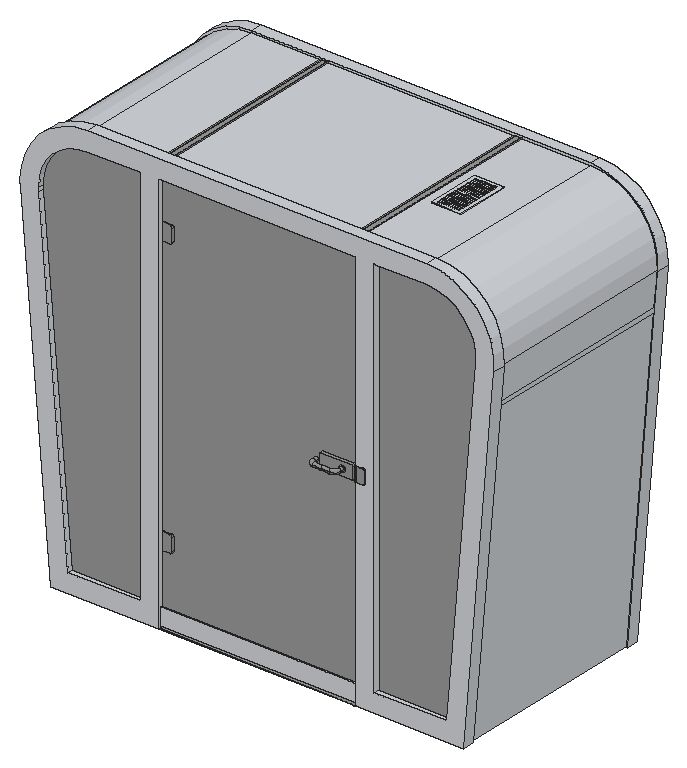
Revit family "Retreat 2.1 - Glass Back", category Generic Models, host Floor, Revit 2020
Family settings
  Host = Floor
  Can host rebar = No
  Round Connector Dimension = Use Diameter
  Part Type = Normal
  Always vertical = Yes
  Cut with Voids When Loaded = No
  Shared = No
  Room Calculation Point = No
Parameters
  Default Elevation = 0 mm
Reference planes
  plane 1 "Center (Front/Back)": y = 0
  plane 2: z = 0
  plane 3 "Center (Left/Right)": x = 0
Forms (mm)
  Extrusion 1, solid
    sketch origin (0, 0, 0) x (1, 0, 0) y (0, 0, 1)
      loop
        line (-994.283, 0) -> (-1135.633, 1615.634) -> (-1187.435, 1611.102) -> (-1046.482, 0) -> (-994.283, 0)
      loop
        line (-1136.069, 1620.615) -> (-1152.093, 1803.768)
        arc (-1152.093, 1803.768) -> (-1152.883, 1815.827) -> (-1153.147, 1827.91) r 277
        arc (-1153.147, 1827.91) -> (-1072.015, 2023.779) -> (-876.147, 2104.91) r 277
        line (-876.147, 2104.91) -> (-511.874, 2104.91) -> (-511.874, 2156.91) -> (-876.147, 2156.91)
        arc (-876.147, 2156.91) -> (-1108.785, 2060.548) -> (-1205.147, 1827.91) r 329
        arc (-1205.147, 1827.91) -> (-1204.834, 1813.559) -> (-1203.895, 1799.236) r 329
        line (-1203.895, 1799.236) -> (-1187.871, 1616.083) -> (-1136.069, 1620.615)
      loop
        line (-486.874, 2104.91) -> (488.126, 2104.91) -> (488.126, 2156.91) -> (-486.874, 2156.91) -> (-486.874, 2104.91)
      loop
        line (513.126, 2104.91) -> (877.399, 2104.91)
        arc (877.399, 2104.91) -> (1081.624, 2015.048) -> (1153.345, 1803.768) r 277
        line (1153.345, 1803.768) -> (1137.321, 1620.615) -> (1189.123, 1616.083) -> (1205.147, 1799.236)
        arc (1205.147, 1799.236) -> (1119.963, 2050.179) -> (877.399, 2156.91) r 329
        line (877.399, 2156.91) -> (513.126, 2156.91) -> (513.126, 2104.91)
      loop
        line (1136.885, 1615.634) -> (995.535, 0) -> (1047.734, 0) -> (1188.687, 1611.102) -> (1136.885, 1615.634)
    from -500 to 500
  Extrusion 2, solid
    sketch origin (0, 0, 0) x (1, 0, 0) y (0, 0, 1)
      loop
        line (-985.249, 0) -> (-1126.667, 1616.419) -> (-1135.633, 1615.634) -> (-994.283, 0) -> (-985.249, 0)
      loop
        line (-1127.103, 1621.4) -> (-1143.127, 1804.552)
        arc (-1143.127, 1804.552) -> (-1143.892, 1816.22) -> (-1144.147, 1827.91) r 268
        arc (-1144.147, 1827.91) -> (-1065.651, 2017.415) -> (-876.147, 2095.91) r 268
        line (-876.147, 2095.91) -> (-511.874, 2095.91) -> (-511.874, 2104.91) -> (-876.147, 2104.91)
        arc (-876.147, 2104.91) -> (-1072.015, 2023.779) -> (-1153.147, 1827.91) r 277
        arc (-1153.147, 1827.91) -> (-1152.883, 1815.827) -> (-1152.093, 1803.768) r 277
        line (-1152.093, 1803.768) -> (-1136.069, 1620.615) -> (-1127.103, 1621.4)
      loop
        line (-486.874, 2095.91) -> (488.126, 2095.91) -> (488.126, 2104.91) -> (-486.874, 2104.91) -> (-486.874, 2095.91)
      loop
        line (513.126, 2095.91) -> (877.399, 2095.91)
        arc (877.399, 2095.91) -> (1074.989, 2008.968) -> (1144.379, 1804.552) r 268
        line (1144.379, 1804.552) -> (1128.355, 1621.4) -> (1137.321, 1620.615) -> (1153.345, 1803.768)
        arc (1153.345, 1803.768) -> (1081.624, 2015.048) -> (877.399, 2104.91) r 277
        line (877.399, 2104.91) -> (513.126, 2104.91) -> (513.126, 2095.91)
      loop
        line (1127.919, 1616.419) -> (986.501, 0) -> (995.535, 0) -> (1136.885, 1615.634) -> (1127.919, 1616.419)
    from -500 to 500
  Extrusion 3, solid
    sketch origin (0, 0, 0) x (1, 0, 0) y (0, 0, 1)
      loop
        line (-1046.482, 0) -> (-1187.435, 1611.102) -> (-1196.401, 1610.318) -> (-1055.516, 0) -> (-1046.482, 0)
      loop
        line (-1187.871, 1616.083) -> (-1203.895, 1799.236)
        arc (-1203.895, 1799.236) -> (-1204.834, 1813.559) -> (-1205.147, 1827.91) r 329
        arc (-1205.147, 1827.91) -> (-1108.785, 2060.548) -> (-876.147, 2156.91) r 329
        line (-876.147, 2156.91) -> (-511.874, 2156.91) -> (-511.874, 2165.91) -> (-876.147, 2165.91)
        arc (-876.147, 2165.91) -> (-1115.149, 2066.912) -> (-1214.147, 1827.91) r 338
        arc (-1214.147, 1827.91) -> (-1213.825, 1813.167) -> (-1212.86, 1798.451) r 338
        line (-1212.86, 1798.451) -> (-1196.837, 1615.299) -> (-1187.871, 1616.083)
      loop
        line (-486.874, 2156.91) -> (488.126, 2156.91) -> (488.126, 2165.91) -> (-486.874, 2165.91) -> (-486.874, 2156.91)
      loop
        line (513.126, 2156.91) -> (877.399, 2156.91)
        arc (877.399, 2156.91) -> (1119.963, 2050.179) -> (1205.147, 1799.236) r 329
        line (1205.147, 1799.236) -> (1189.123, 1616.083) -> (1198.089, 1615.299) -> (1214.112, 1798.451)
        arc (1214.112, 1798.451) -> (1126.598, 2056.259) -> (877.399, 2165.91) r 338
        line (877.399, 2165.91) -> (513.126, 2165.91) -> (513.126, 2156.91)
      loop
        line (1188.687, 1611.102) -> (1047.734, 0) -> (1056.768, 0) -> (1197.653, 1610.318) -> (1188.687, 1611.102)
    from -500 to 500
  Extrusion 4, solid
    sketch origin (0, 0, 0) x (1, 0, 0) y (0, 0, 1)
      loop
        line (-1055.516, 0) -> (-1196.401, 1610.318) -> (-1198.393, 1610.144) -> (-1057.524, 0) -> (-1055.516, 0)
      loop
        line (-1196.837, 1615.299) -> (-1212.86, 1798.451)
        arc (-1212.86, 1798.451) -> (-1213.825, 1813.167) -> (-1214.147, 1827.91) r 338
        arc (-1214.147, 1827.91) -> (-1115.149, 2066.912) -> (-876.147, 2165.91) r 338
        line (-876.147, 2165.91) -> (-511.874, 2165.91) -> (-511.874, 2167.91) -> (-876.147, 2167.91)
        arc (-876.147, 2167.91) -> (-1116.563, 2068.326) -> (-1216.147, 1827.91) r 340
        arc (-1216.147, 1827.91) -> (-1215.823, 1813.079) -> (-1214.853, 1798.277) r 340
        line (-1214.853, 1798.277) -> (-1198.829, 1615.125) -> (-1196.837, 1615.299)
      loop
        line (-486.874, 2165.91) -> (488.126, 2165.91) -> (488.126, 2167.91) -> (-486.874, 2167.91) -> (-486.874, 2165.91)
      loop
        line (513.126, 2167.91) -> (513.126, 2165.91) -> (877.399, 2165.91)
        arc (877.399, 2165.91) -> (1126.598, 2056.259) -> (1214.112, 1798.451) r 338
        line (1214.112, 1798.451) -> (1198.089, 1615.299) -> (1200.081, 1615.125) -> (1216.105, 1798.277)
        arc (1216.105, 1798.277) -> (1128.073, 2057.611) -> (877.399, 2167.91) r 340
        line (877.399, 2167.91) -> (513.126, 2167.91)
      loop
        line (1197.653, 1610.318) -> (1056.768, 0) -> (1058.776, 0) -> (1199.645, 1610.144) -> (1197.653, 1610.318)
    from -500 to 500
  Extrusion 5, solid
    sketch origin (0, 0, 0) x (1, 0, 0) y (0, 0, 1)
      loop
        line (-510, 0) -> (-510, 2083) -> (510, 2083) -> (510, 0) -> (1068, 0) -> (1225.26, 1797.495)
        arc (1225.26, 1797.495) -> (1134.639, 2064.457) -> (876.592, 2178) r 350
        line (876.592, 2178) -> (-876.592, 2178)
        arc (-876.592, 2178) -> (-1124.08, 2075.487) -> (-1226.592, 1828) r 350
        arc (-1226.592, 1828) -> (-1226.259, 1812.733) -> (-1225.26, 1797.495) r 350
        line (-1225.26, 1797.495) -> (-1068, 0) -> (-510, 0)
      loop
        line (-605, 95) -> (-605, 2083) -> (-876.592, 2083)
        arc (-876.592, 2083) -> (-1056.905, 2008.312) -> (-1131.592, 1828) r 255
        arc (-1131.592, 1828) -> (-1131.35, 1816.877) -> (-1130.622, 1805.775) r 255
        line (-1130.622, 1805.775) -> (-980.949, 95) -> (-605, 95)
      loop
        line (605, 95) -> (980.949, 95) -> (1130.622, 1805.775)
        arc (1130.622, 1805.775) -> (1064.598, 2000.276) -> (876.592, 2083) r 255
        line (876.592, 2083) -> (605, 2083) -> (605, 95)
    from 500 to 560
  Extrusion 6, solid
    sketch origin (0, 0, 0) x (1, 0, 0) y (0, 0, 1)
      loop
        line (-488, 0) -> (-488, 2061) -> (488, 2061) -> (488, 0) -> (510, 0) -> (510, 2083) -> (-510, 2083) -> (-510, 0) -> (-488, 0)
    from 500 to 522
  Extrusion 7, solid
    sketch origin (0, 0, 0) x (1, 0, 0) y (0, 0, 1)
      loop
        line (-1068, 0) -> (1068, 0) -> (1225.26, 1797.495)
        arc (1225.26, 1797.495) -> (1134.639, 2064.457) -> (876.592, 2178) r 350
        line (876.592, 2178) -> (-876.592, 2178)
        arc (-876.592, 2178) -> (-1124.08, 2075.487) -> (-1226.592, 1828) r 350
        arc (-1226.592, 1828) -> (-1226.259, 1812.733) -> (-1225.26, 1797.495) r 350
        line (-1225.26, 1797.495) -> (-1068, 0)
      loop
        line (-980.949, 95) -> (-572.5, 95) -> (-572.5, 2083) -> (-876.592, 2083)
        arc (-876.592, 2083) -> (-1056.905, 2008.312) -> (-1131.592, 1828) r 255
        arc (-1131.592, 1828) -> (-1131.35, 1816.877) -> (-1130.622, 1805.775) r 255
        line (-1130.622, 1805.775) -> (-980.949, 95)
      loop
        line (-427.5, 95) -> (427.5, 95) -> (427.5, 2083) -> (-427.5, 2083) -> (-427.5, 95)
      loop
        line (572.5, 95) -> (980.949, 95) -> (1130.622, 1805.775)
        arc (1130.622, 1805.775) -> (1064.598, 2000.276) -> (876.592, 2083) r 255
        line (876.592, 2083) -> (572.5, 2083) -> (572.5, 95)
    from -560 to -500
  Extrusion 8, solid
    sketch origin (0, 0, 0) x (1, 0, 0) y (0, 0, 1)
      loop
        line (505, 98.5) -> (-505, 98.5) -> (-505, 10.5) -> (505, 10.5) -> (505, 98.5)
    from 541.5 to 550.5
  Extrusion 9, solid
    sketch origin (0, 0, 0) x (1, 0, 0) y (0, 0, 1)
      loop
        line (484, 98.5) -> (-484, 98.5) -> (-484, 10.5) -> (484, 10.5) -> (484, 98.5)
    from 503.5 to 533.5
  Extrusion 10, solid
    sketch origin (778.97, -0.1, 0) x (1, 0, 0) y (0, 1, 0)
      loop
        line (-66.5, 143) -> (-212.5, 143)
        arc (-212.5, 143) -> (-216.036, 141.536) -> (-217.5, 138) r 5
        line (-217.5, 138) -> (-217.5, -134.9)
        arc (-217.5, -134.9) -> (-216.036, -138.436) -> (-212.5, -139.9) r 5
        line (-212.5, -139.9) -> (-66.5, -139.9)
        arc (-66.5, -139.9) -> (-62.964, -138.436) -> (-61.5, -134.9) r 5
        line (-61.5, -134.9) -> (-61.5, 138)
        arc (-61.5, 138) -> (-62.964, 141.536) -> (-66.5, 143) r 5
      loop
        line (-196.5, -90) -> (-196.5, -120)
        arc (-196.5, -120) -> (-195.914, -121.414) -> (-194.5, -122) r 2
        arc (-194.5, -122) -> (-193.086, -121.414) -> (-192.5, -120) r 2
        line (-192.5, -120) -> (-192.5, -90)
        arc (-192.5, -90) -> (-194.5, -88) -> (-196.5, -90) r 2
      loop
        line (-185.5, -90) -> (-185.5, -120)
        arc (-185.5, -120) -> (-184.914, -121.414) -> (-183.5, -122) r 2
        arc (-183.5, -122) -> (-182.086, -121.414) -> (-181.5, -120) r 2
        line (-181.5, -120) -> (-181.5, -90)
        arc (-181.5, -90) -> (-183.5, -88) -> (-185.5, -90) r 2
      loop
        line (-174.5, -90) -> (-174.5, -120)
        arc (-174.5, -120) -> (-173.914, -121.414) -> (-172.5, -122) r 2
        arc (-172.5, -122) -> (-171.086, -121.414) -> (-170.5, -120) r 2
        line (-170.5, -120) -> (-170.5, -90)
        arc (-170.5, -90) -> (-172.5, -88) -> (-174.5, -90) r 2
      loop
        line (-163.5, -90) -> (-163.5, -120)
        arc (-163.5, -120) -> (-162.914, -121.414) -> (-161.5, -122) r 2
        arc (-161.5, -122) -> (-160.086, -121.414) -> (-159.5, -120) r 2
        line (-159.5, -120) -> (-159.5, -90)
        arc (-159.5, -90) -> (-161.5, -88) -> (-163.5, -90) r 2
      loop
        line (-152.5, -90) -> (-152.5, -120)
        arc (-152.5, -120) -> (-151.914, -121.414) -> (-150.5, -122) r 2
        arc (-150.5, -122) -> (-149.086, -121.414) -> (-148.5, -120) r 2
        line (-148.5, -120) -> (-148.5, -90)
        arc (-148.5, -90) -> (-150.5, -88) -> (-152.5, -90) r 2
      loop
        line (-141.5, -90) -> (-141.5, -120)
        arc (-141.5, -120) -> (-140.914, -121.414) -> (-139.5, -122) r 2
        arc (-139.5, -122) -> (-138.086, -121.414) -> (-137.5, -120) r 2
        line (-137.5, -120) -> (-137.5, -90)
        arc (-137.5, -90) -> (-139.5, -88) -> (-141.5, -90) r 2
      loop
        line (-130.5, -90) -> (-130.5, -120)
        arc (-130.5, -120) -> (-129.914, -121.414) -> (-128.5, -122) r 2
        arc (-128.5, -122) -> (-127.086, -121.414) -> (-126.5, -120) r 2
        line (-126.5, -120) -> (-126.5, -90)
        arc (-126.5, -90) -> (-128.5, -88) -> (-130.5, -90) r 2
      loop
        line (-119.5, -90) -> (-119.5, -120)
        arc (-119.5, -120) -> (-118.914, -121.414) -> (-117.5, -122) r 2
        arc (-117.5, -122) -> (-116.086, -121.414) -> (-115.5, -120) r 2
        line (-115.5, -120) -> (-115.5, -90)
        arc (-115.5, -90) -> (-117.5, -88) -> (-119.5, -90) r 2
      loop
        line (-108.5, -90) -> (-108.5, -120)
        arc (-108.5, -120) -> (-107.914, -121.414) -> (-106.5, -122) r 2
        arc (-106.5, -122) -> (-105.086, -121.414) -> (-104.5, -120) r 2
        line (-104.5, -120) -> (-104.5, -90)
        arc (-104.5, -90) -> (-106.5, -88) -> (-108.5, -90) r 2
      loop
        line (-97.5, -90) -> (-97.5, -120)
        arc (-97.5, -120) -> (-96.914, -121.414) -> (-95.5, -122) r 2
        arc (-95.5, -122) -> (-94.086, -121.414) -> (-93.5, -120) r 2
        line (-93.5, -120) -> (-93.5, -90)
        arc (-93.5, -90) -> (-95.5, -88) -> (-97.5, -90) r 2
      loop
        line (-86.5, -90) -> (-86.5, -120)
        arc (-86.5, -120) -> (-85.914, -121.414) -> (-84.5, -122) r 2
        arc (-84.5, -122) -> (-83.086, -121.414) -> (-82.5, -120) r 2
        line (-82.5, -120) -> (-82.5, -90)
        arc (-82.5, -90) -> (-84.5, -88) -> (-86.5, -90) r 2
      loop
        line (-82.5, -80) -> (-82.5, -50)
        arc (-82.5, -50) -> (-84.5, -48) -> (-86.5, -50) r 2
        line (-86.5, -50) -> (-86.5, -80)
        arc (-86.5, -80) -> (-85.914, -81.414) -> (-84.5, -82) r 2
        arc (-84.5, -82) -> (-83.086, -81.414) -> (-82.5, -80) r 2
      loop
        line (-93.5, -80) -> (-93.5, -50)
        arc (-93.5, -50) -> (-95.5, -48) -> (-97.5, -50) r 2
        line (-97.5, -50) -> (-97.5, -80)
        arc (-97.5, -80) -> (-96.914, -81.414) -> (-95.5, -82) r 2
        arc (-95.5, -82) -> (-94.086, -81.414) -> (-93.5, -80) r 2
      loop
        line (-104.5, -80) -> (-104.5, -50)
        arc (-104.5, -50) -> (-106.5, -48) -> (-108.5, -50) r 2
        line (-108.5, -50) -> (-108.5, -80)
        arc (-108.5, -80) -> (-107.914, -81.414) -> (-106.5, -82) r 2
        arc (-106.5, -82) -> (-105.086, -81.414) -> (-104.5, -80) r 2
      loop
        line (-115.5, -80) -> (-115.5, -50)
        arc (-115.5, -50) -> (-117.5, -48) -> (-119.5, -50) r 2
        line (-119.5, -50) -> (-119.5, -80)
        arc (-119.5, -80) -> (-118.914, -81.414) -> (-117.5, -82) r 2
        arc (-117.5, -82) -> (-116.086, -81.414) -> (-115.5, -80) r 2
      loop
        line (-126.5, -80) -> (-126.5, -50)
        arc (-126.5, -50) -> (-128.5, -48) -> (-130.5, -50) r 2
        line (-130.5, -50) -> (-130.5, -80)
        arc (-130.5, -80) -> (-129.914, -81.414) -> (-128.5, -82) r 2
        arc (-128.5, -82) -> (-127.086, -81.414) -> (-126.5, -80) r 2
      loop
        line (-137.5, -80) -> (-137.5, -50)
        arc (-137.5, -50) -> (-139.5, -48) -> (-141.5, -50) r 2
        line (-141.5, -50) -> (-141.5, -80)
        arc (-141.5, -80) -> (-140.914, -81.414) -> (-139.5, -82) r 2
        arc (-139.5, -82) -> (-138.086, -81.414) -> (-137.5, -80) r 2
      loop
        line (-148.5, -80) -> (-148.5, -50)
        arc (-148.5, -50) -> (-150.5, -48) -> (-152.5, -50) r 2
        line (-152.5, -50) -> (-152.5, -80)
        arc (-152.5, -80) -> (-151.914, -81.414) -> (-150.5, -82) r 2
        arc (-150.5, -82) -> (-149.086, -81.414) -> (-148.5, -80) r 2
      loop
        line (-159.5, -80) -> (-159.5, -50)
        arc (-159.5, -50) -> (-161.5, -48) -> (-163.5, -50) r 2
        line (-163.5, -50) -> (-163.5, -80)
        arc (-163.5, -80) -> (-162.914, -81.414) -> (-161.5, -82) r 2
        arc (-161.5, -82) -> (-160.086, -81.414) -> (-159.5, -80) r 2
      loop
        line (-170.5, -80) -> (-170.5, -50)
        arc (-170.5, -50) -> (-172.5, -48) -> (-174.5, -50) r 2
        line (-174.5, -50) -> (-174.5, -80)
        arc (-174.5, -80) -> (-173.914, -81.414) -> (-172.5, -82) r 2
        arc (-172.5, -82) -> (-171.086, -81.414) -> (-170.5, -80) r 2
      loop
        line (-181.5, -80) -> (-181.5, -50)
        arc (-181.5, -50) -> (-183.5, -48) -> (-185.5, -50) r 2
        line (-185.5, -50) -> (-185.5, -80)
        arc (-185.5, -80) -> (-184.914, -81.414) -> (-183.5, -82) r 2
        arc (-183.5, -82) -> (-182.086, -81.414) -> (-181.5, -80) r 2
      loop
        line (-192.5, -80) -> (-192.5, -50)
        arc (-192.5, -50) -> (-194.5, -48) -> (-196.5, -50) r 2
        line (-196.5, -50) -> (-196.5, -80)
        arc (-196.5, -80) -> (-195.914, -81.414) -> (-194.5, -82) r 2
        arc (-194.5, -82) -> (-193.086, -81.414) -> (-192.5, -80) r 2
      loop
        line (-196.5, -10) -> (-196.5, -40)
        arc (-196.5, -40) -> (-195.914, -41.414) -> (-194.5, -42) r 2
        arc (-194.5, -42) -> (-193.086, -41.414) -> (-192.5, -40) r 2
        line (-192.5, -40) -> (-192.5, -10)
        arc (-192.5, -10) -> (-194.5, -8) -> (-196.5, -10) r 2
      loop
        line (-185.5, -10) -> (-185.5, -40)
        arc (-185.5, -40) -> (-184.914, -41.414) -> (-183.5, -42) r 2
        arc (-183.5, -42) -> (-182.086, -41.414) -> (-181.5, -40) r 2
        line (-181.5, -40) -> (-181.5, -10)
        arc (-181.5, -10) -> (-183.5, -8) -> (-185.5, -10) r 2
      loop
        line (-174.5, -10) -> (-174.5, -40)
        arc (-174.5, -40) -> (-172.5, -42) -> (-170.5, -40) r 2
        line (-170.5, -40) -> (-170.5, -10)
        arc (-170.5, -10) -> (-172.5, -8) -> (-174.5, -10) r 2
      loop
        line (-163.5, -10) -> (-163.5, -40)
        arc (-163.5, -40) -> (-162.914, -41.414) -> (-161.5, -42) r 2
        arc (-161.5, -42) -> (-160.086, -41.414) -> (-159.5, -40) r 2
        line (-159.5, -40) -> (-159.5, -10)
        arc (-159.5, -10) -> (-161.5, -8) -> (-163.5, -10) r 2
      loop
        line (-152.5, -10) -> (-152.5, -40)
        arc (-152.5, -40) -> (-151.914, -41.414) -> (-150.5, -42) r 2
        arc (-150.5, -42) -> (-149.086, -41.414) -> (-148.5, -40) r 2
        line (-148.5, -40) -> (-148.5, -10)
        arc (-148.5, -10) -> (-150.5, -8) -> (-152.5, -10) r 2
      loop
        line (-141.5, -10) -> (-141.5, -40)
        arc (-141.5, -40) -> (-140.914, -41.414) -> (-139.5, -42) r 2
        arc (-139.5, -42) -> (-138.086, -41.414) -> (-137.5, -40) r 2
        line (-137.5, -40) -> (-137.5, -10)
        arc (-137.5, -10) -> (-139.5, -8) -> (-141.5, -10) r 2
      loop
        line (-130.5, -10) -> (-130.5, -40)
        arc (-130.5, -40) -> (-129.914, -41.414) -> (-128.5, -42) r 2
        arc (-128.5, -42) -> (-127.086, -41.414) -> (-126.5, -40) r 2
        line (-126.5, -40) -> (-126.5, -10)
        arc (-126.5, -10) -> (-128.5, -8) -> (-130.5, -10) r 2
      loop
        line (-119.5, -10) -> (-119.5, -40)
        arc (-119.5, -40) -> (-118.914, -41.414) -> (-117.5, -42) r 2
        arc (-117.5, -42) -> (-116.086, -41.414) -> (-115.5, -40) r 2
        line (-115.5, -40) -> (-115.5, -10)
        arc (-115.5, -10) -> (-117.5, -8) -> (-119.5, -10) r 2
      loop
        line (-108.5, -10) -> (-108.5, -40)
        arc (-108.5, -40) -> (-107.914, -41.414) -> (-106.5, -42) r 2
        arc (-106.5, -42) -> (-105.086, -41.414) -> (-104.5, -40) r 2
        line (-104.5, -40) -> (-104.5, -10)
        arc (-104.5, -10) -> (-106.5, -8) -> (-108.5, -10) r 2
      loop
        line (-97.5, -10) -> (-97.5, -40)
        arc (-97.5, -40) -> (-96.914, -41.414) -> (-95.5, -42) r 2
        arc (-95.5, -42) -> (-94.086, -41.414) -> (-93.5, -40) r 2
        line (-93.5, -40) -> (-93.5, -10)
        arc (-93.5, -10) -> (-95.5, -8) -> (-97.5, -10) r 2
      loop
        line (-86.5, -10) -> (-86.5, -40)
        arc (-86.5, -40) -> (-85.914, -41.414) -> (-84.5, -42) r 2
        arc (-84.5, -42) -> (-83.086, -41.414) -> (-82.5, -40) r 2
        line (-82.5, -40) -> (-82.5, -10)
        arc (-82.5, -10) -> (-84.5, -8) -> (-86.5, -10) r 2
      loop
        line (-82.5, 10) -> (-82.5, 40)
        arc (-82.5, 40) -> (-84.5, 42) -> (-86.5, 40) r 2
        line (-86.5, 40) -> (-86.5, 10)
        arc (-86.5, 10) -> (-85.914, 8.586) -> (-84.5, 8) r 2
        arc (-84.5, 8) -> (-83.086, 8.586) -> (-82.5, 10) r 2
      loop
        line (-93.5, 10) -> (-93.5, 40)
        arc (-93.5, 40) -> (-95.5, 42) -> (-97.5, 40) r 2
        line (-97.5, 40) -> (-97.5, 10)
        arc (-97.5, 10) -> (-96.914, 8.586) -> (-95.5, 8) r 2
        arc (-95.5, 8) -> (-94.086, 8.586) -> (-93.5, 10) r 2
      loop
        line (-104.5, 10) -> (-104.5, 40)
        arc (-104.5, 40) -> (-106.5, 42) -> (-108.5, 40) r 2
        line (-108.5, 40) -> (-108.5, 10)
        arc (-108.5, 10) -> (-107.914, 8.586) -> (-106.5, 8) r 2
        arc (-106.5, 8) -> (-105.086, 8.586) -> (-104.5, 10) r 2
      loop
        line (-115.5, 10) -> (-115.5, 40)
        arc (-115.5, 40) -> (-117.5, 42) -> (-119.5, 40) r 2
        line (-119.5, 40) -> (-119.5, 10)
        arc (-119.5, 10) -> (-118.914, 8.586) -> (-117.5, 8) r 2
        arc (-117.5, 8) -> (-116.086, 8.586) -> (-115.5, 10) r 2
      loop
        line (-130.5, 40) -> (-130.5, 10)
        arc (-130.5, 10) -> (-129.914, 8.586) -> (-128.5, 8) r 2
        arc (-128.5, 8) -> (-127.086, 8.586) -> (-126.5, 10) r 2
        line (-126.5, 10) -> (-126.5, 40)
        arc (-126.5, 40) -> (-128.5, 42) -> (-130.5, 40) r 2
      loop
        line (-137.5, 10) -> (-137.5, 40)
        arc (-137.5, 40) -> (-139.5, 42) -> (-141.5, 40) r 2
        line (-141.5, 40) -> (-141.5, 10)
        arc (-141.5, 10) -> (-140.914, 8.586) -> (-139.5, 8) r 2
        arc (-139.5, 8) -> (-138.086, 8.586) -> (-137.5, 10) r 2
      loop
        line (-148.5, 10) -> (-148.5, 40)
        arc (-148.5, 40) -> (-150.5, 42) -> (-152.5, 40) r 2
        line (-152.5, 40) -> (-152.5, 10)
        arc (-152.5, 10) -> (-151.914, 8.586) -> (-150.5, 8) r 2
        arc (-150.5, 8) -> (-149.086, 8.586) -> (-148.5, 10) r 2
      loop
        line (-159.5, 10) -> (-159.5, 40)
        arc (-159.5, 40) -> (-161.5, 42) -> (-163.5, 40) r 2
        line (-163.5, 40) -> (-163.5, 10)
        arc (-163.5, 10) -> (-162.914, 8.586) -> (-161.5, 8) r 2
        arc (-161.5, 8) -> (-160.086, 8.586) -> (-159.5, 10) r 2
      loop
        line (-170.5, 10) -> (-170.5, 40)
        arc (-170.5, 40) -> (-172.5, 42) -> (-174.5, 40) r 2
        line (-174.5, 40) -> (-174.5, 10)
        arc (-174.5, 10) -> (-173.914, 8.586) -> (-172.5, 8) r 2
        arc (-172.5, 8) -> (-171.086, 8.586) -> (-170.5, 10) r 2
      loop
        line (-181.5, 10) -> (-181.5, 40)
        arc (-181.5, 40) -> (-183.5, 42) -> (-185.5, 40) r 2
        line (-185.5, 40) -> (-185.5, 10)
        arc (-185.5, 10) -> (-184.914, 8.586) -> (-183.5, 8) r 2
        arc (-183.5, 8) -> (-182.086, 8.586) -> (-181.5, 10) r 2
      loop
        line (-192.5, 10) -> (-192.5, 40)
        arc (-192.5, 40) -> (-194.5, 42) -> (-196.5, 40) r 2
        line (-196.5, 40) -> (-196.5, 10)
        arc (-196.5, 10) -> (-195.914, 8.586) -> (-194.5, 8) r 2
        arc (-194.5, 8) -> (-193.086, 8.586) -> (-192.5, 10) r 2
      loop
        line (-196.5, 80) -> (-196.5, 50)
        arc (-196.5, 50) -> (-195.914, 48.586) -> (-194.5, 48) r 2
        arc (-194.5, 48) -> (-193.086, 48.586) -> (-192.5, 50) r 2
        line (-192.5, 50) -> (-192.5, 80)
        arc (-192.5, 80) -> (-194.5, 82) -> (-196.5, 80) r 2
      loop
        line (-185.5, 80) -> (-185.5, 50)
        arc (-185.5, 50) -> (-184.914, 48.586) -> (-183.5, 48) r 2
        arc (-183.5, 48) -> (-182.086, 48.586) -> (-181.5, 50) r 2
        line (-181.5, 50) -> (-181.5, 80)
        arc (-181.5, 80) -> (-183.5, 82) -> (-185.5, 80) r 2
      loop
        line (-174.5, 80) -> (-174.5, 50)
        arc (-174.5, 50) -> (-173.914, 48.586) -> (-172.5, 48) r 2
        arc (-172.5, 48) -> (-171.086, 48.586) -> (-170.5, 50) r 2
        line (-170.5, 50) -> (-170.5, 80)
        arc (-170.5, 80) -> (-172.5, 82) -> (-174.5, 80) r 2
      loop
        line (-163.5, 80) -> (-163.5, 50)
        arc (-163.5, 50) -> (-162.914, 48.586) -> (-161.5, 48) r 2
        arc (-161.5, 48) -> (-160.086, 48.586) -> (-159.5, 50) r 2
        line (-159.5, 50) -> (-159.5, 80)
        arc (-159.5, 80) -> (-161.5, 82) -> (-163.5, 80) r 2
      loop
        line (-152.5, 80) -> (-152.5, 50)
        arc (-152.5, 50) -> (-151.914, 48.586) -> (-150.5, 48) r 2
        arc (-150.5, 48) -> (-149.086, 48.586) -> (-148.5, 50) r 2
        line (-148.5, 50) -> (-148.5, 80)
        arc (-148.5, 80) -> (-150.5, 82) -> (-152.5, 80) r 2
      loop
        line (-141.5, 80) -> (-141.5, 50)
        arc (-141.5, 50) -> (-140.914, 48.586) -> (-139.5, 48) r 2
        arc (-139.5, 48) -> (-138.086, 48.586) -> (-137.5, 50) r 2
        line (-137.5, 50) -> (-137.5, 80)
        arc (-137.5, 80) -> (-139.5, 82) -> (-141.5, 80) r 2
      loop
        line (-130.5, 80) -> (-130.5, 50)
        arc (-130.5, 50) -> (-129.914, 48.586) -> (-128.5, 48) r 2
        arc (-128.5, 48) -> (-127.086, 48.586) -> (-126.5, 50) r 2
        line (-126.5, 50) -> (-126.5, 80)
        arc (-126.5, 80) -> (-128.5, 82) -> (-130.5, 80) r 2
      loop
        line (-119.5, 80) -> (-119.5, 50)
        arc (-119.5, 50) -> (-118.914, 48.586) -> (-117.5, 48) r 2
        arc (-117.5, 48) -> (-116.086, 48.586) -> (-115.5, 50) r 2
        line (-115.5, 50) -> (-115.5, 80)
        arc (-115.5, 80) -> (-117.5, 82) -> (-119.5, 80) r 2
      loop
        line (-108.5, 80) -> (-108.5, 50)
        arc (-108.5, 50) -> (-107.914, 48.586) -> (-106.5, 48) r 2
        arc (-106.5, 48) -> (-105.086, 48.586) -> (-104.5, 50) r 2
        line (-104.5, 50) -> (-104.5, 80)
        arc (-104.5, 80) -> (-106.5, 82) -> (-108.5, 80) r 2
      loop
        line (-97.5, 80) -> (-97.5, 50)
        arc (-97.5, 50) -> (-96.914, 48.586) -> (-95.5, 48) r 2
        arc (-95.5, 48) -> (-94.086, 48.586) -> (-93.5, 50) r 2
        line (-93.5, 50) -> (-93.5, 80)
        arc (-93.5, 80) -> (-95.5, 82) -> (-97.5, 80) r 2
      loop
        line (-86.5, 80) -> (-86.5, 50)
        arc (-86.5, 50) -> (-85.914, 48.586) -> (-84.5, 48) r 2
        arc (-84.5, 48) -> (-83.086, 48.586) -> (-82.5, 50) r 2
        line (-82.5, 50) -> (-82.5, 80)
        arc (-82.5, 80) -> (-84.5, 82) -> (-86.5, 80) r 2
      loop
        line (-82.5, 90) -> (-82.5, 120)
        arc (-82.5, 120) -> (-84.5, 122) -> (-86.5, 120) r 2
        line (-86.5, 120) -> (-86.5, 90)
        arc (-86.5, 90) -> (-85.914, 88.586) -> (-84.5, 88) r 2
        arc (-84.5, 88) -> (-83.086, 88.586) -> (-82.5, 90) r 2
      loop
        line (-93.5, 90) -> (-93.5, 120)
        arc (-93.5, 120) -> (-95.5, 122) -> (-97.5, 120) r 2
        line (-97.5, 120) -> (-97.5, 90)
        arc (-97.5, 90) -> (-96.914, 88.586) -> (-95.5, 88) r 2
        arc (-95.5, 88) -> (-94.086, 88.586) -> (-93.5, 90) r 2
      loop
        line (-104.5, 90) -> (-104.5, 120)
        arc (-104.5, 120) -> (-106.5, 122) -> (-108.5, 120) r 2
        line (-108.5, 120) -> (-108.5, 90)
        arc (-108.5, 90) -> (-107.914, 88.586) -> (-106.5, 88) r 2
        arc (-106.5, 88) -> (-105.086, 88.586) -> (-104.5, 90) r 2
      loop
        line (-115.5, 90) -> (-115.5, 120)
        arc (-115.5, 120) -> (-117.5, 122) -> (-119.5, 120) r 2
        line (-119.5, 120) -> (-119.5, 90)
        arc (-119.5, 90) -> (-118.914, 88.586) -> (-117.5, 88) r 2
        arc (-117.5, 88) -> (-116.086, 88.586) -> (-115.5, 90) r 2
      loop
        line (-126.5, 90) -> (-126.5, 120)
        arc (-126.5, 120) -> (-128.5, 122) -> (-130.5, 120) r 2
        line (-130.5, 120) -> (-130.5, 90)
        arc (-130.5, 90) -> (-129.914, 88.586) -> (-128.5, 88) r 2
        arc (-128.5, 88) -> (-127.086, 88.586) -> (-126.5, 90) r 2
      loop
        line (-137.5, 90) -> (-137.5, 120)
        arc (-137.5, 120) -> (-139.5, 122) -> (-141.5, 120) r 2
        line (-141.5, 120) -> (-141.5, 90)
        arc (-141.5, 90) -> (-140.914, 88.586) -> (-139.5, 88) r 2
        arc (-139.5, 88) -> (-138.086, 88.586) -> (-137.5, 90) r 2
      loop
        line (-148.5, 90) -> (-148.5, 120)
        arc (-148.5, 120) -> (-150.5, 122) -> (-152.5, 120) r 2
        line (-152.5, 120) -> (-152.5, 90)
        arc (-152.5, 90) -> (-151.914, 88.586) -> (-150.5, 88) r 2
        arc (-150.5, 88) -> (-149.086, 88.586) -> (-148.5, 90) r 2
      loop
        line (-159.5, 90) -> (-159.5, 120)
        arc (-159.5, 120) -> (-161.5, 122) -> (-163.5, 120) r 2
        line (-163.5, 120) -> (-163.5, 90)
        arc (-163.5, 90) -> (-162.914, 88.586) -> (-161.5, 88) r 2
        arc (-161.5, 88) -> (-160.086, 88.586) -> (-159.5, 90) r 2
      loop
        line (-170.5, 90) -> (-170.5, 120)
        arc (-170.5, 120) -> (-172.5, 122) -> (-174.5, 120) r 2
        line (-174.5, 120) -> (-174.5, 90)
        arc (-174.5, 90) -> (-173.914, 88.586) -> (-172.5, 88) r 2
        arc (-172.5, 88) -> (-171.086, 88.586) -> (-170.5, 90) r 2
      loop
        line (-181.5, 90) -> (-181.5, 120)
        arc (-181.5, 120) -> (-183.5, 122) -> (-185.5, 120) r 2
        line (-185.5, 120) -> (-185.5, 90)
        arc (-185.5, 90) -> (-184.914, 88.586) -> (-183.5, 88) r 2
        arc (-183.5, 88) -> (-182.086, 88.586) -> (-181.5, 90) r 2
      loop
        line (-192.5, 90) -> (-192.5, 120)
        arc (-192.5, 120) -> (-194.5, 122) -> (-196.5, 120) r 2
        line (-196.5, 120) -> (-196.5, 90)
        arc (-196.5, 90) -> (-195.914, 88.586) -> (-194.5, 88) r 2
        arc (-194.5, 88) -> (-193.086, 88.586) -> (-192.5, 90) r 2
    from 2167.91 to 2169.51
  Extrusion 11, solid
    sketch origin (1076.041, -0.1, 487.218) x (-0.087156, 0, 0.996195) y (0, 1, 0)
      loop
        line (-66.5, 143) -> (-212.5, 143)
        arc (-212.5, 143) -> (-216.036, 141.536) -> (-217.5, 138) r 5
        line (-217.5, 138) -> (-217.5, -138)
        arc (-217.5, -138) -> (-216.036, -141.536) -> (-212.5, -143) r 5
        line (-212.5, -143) -> (-66.5, -143)
        arc (-66.5, -143) -> (-62.964, -141.536) -> (-61.5, -138) r 5
        line (-61.5, -138) -> (-61.5, 138)
        arc (-61.5, 138) -> (-62.964, 141.536) -> (-66.5, 143) r 5
      loop
        line (-196.5, -90) -> (-196.5, -120)
        arc (-196.5, -120) -> (-195.914, -121.414) -> (-194.5, -122) r 2
        arc (-194.5, -122) -> (-193.086, -121.414) -> (-192.5, -120) r 2
        line (-192.5, -120) -> (-192.5, -90)
        arc (-192.5, -90) -> (-194.5, -88) -> (-196.5, -90) r 2
      loop
        line (-185.5, -90) -> (-185.5, -120)
        arc (-185.5, -120) -> (-184.914, -121.414) -> (-183.5, -122) r 2
        arc (-183.5, -122) -> (-182.086, -121.414) -> (-181.5, -120) r 2
        line (-181.5, -120) -> (-181.5, -90)
        arc (-181.5, -90) -> (-183.5, -88) -> (-185.5, -90) r 2
      loop
        line (-174.5, -90) -> (-174.5, -120)
        arc (-174.5, -120) -> (-173.914, -121.414) -> (-172.5, -122) r 2
        arc (-172.5, -122) -> (-171.086, -121.414) -> (-170.5, -120) r 2
        line (-170.5, -120) -> (-170.5, -90)
        arc (-170.5, -90) -> (-172.5, -88) -> (-174.5, -90) r 2
      loop
        line (-163.5, -90) -> (-163.5, -120)
        arc (-163.5, -120) -> (-162.914, -121.414) -> (-161.5, -122) r 2
        arc (-161.5, -122) -> (-160.086, -121.414) -> (-159.5, -120) r 2
        line (-159.5, -120) -> (-159.5, -90)
        arc (-159.5, -90) -> (-161.5, -88) -> (-163.5, -90) r 2
      loop
        line (-152.5, -90) -> (-152.5, -120)
        arc (-152.5, -120) -> (-151.914, -121.414) -> (-150.5, -122) r 2
        arc (-150.5, -122) -> (-149.086, -121.414) -> (-148.5, -120) r 2
        line (-148.5, -120) -> (-148.5, -90)
        arc (-148.5, -90) -> (-150.5, -88) -> (-152.5, -90) r 2
      loop
        line (-141.5, -90) -> (-141.5, -120)
        arc (-141.5, -120) -> (-140.914, -121.414) -> (-139.5, -122) r 2
        arc (-139.5, -122) -> (-138.086, -121.414) -> (-137.5, -120) r 2
        line (-137.5, -120) -> (-137.5, -90)
        arc (-137.5, -90) -> (-139.5, -88) -> (-141.5, -90) r 2
      loop
        line (-130.5, -90) -> (-130.5, -120)
        arc (-130.5, -120) -> (-129.914, -121.414) -> (-128.5, -122) r 2
        arc (-128.5, -122) -> (-127.086, -121.414) -> (-126.5, -120) r 2
        line (-126.5, -120) -> (-126.5, -90)
        arc (-126.5, -90) -> (-128.5, -88) -> (-130.5, -90) r 2
      loop
        line (-119.5, -90) -> (-119.5, -120)
        arc (-119.5, -120) -> (-118.914, -121.414) -> (-117.5, -122) r 2
        arc (-117.5, -122) -> (-116.086, -121.414) -> (-115.5, -120) r 2
        line (-115.5, -120) -> (-115.5, -90)
        arc (-115.5, -90) -> (-117.5, -88) -> (-119.5, -90) r 2
      loop
        line (-108.5, -90) -> (-108.5, -120)
        arc (-108.5, -120) -> (-107.914, -121.414) -> (-106.5, -122) r 2
        arc (-106.5, -122) -> (-105.086, -121.414) -> (-104.5, -120) r 2
        line (-104.5, -120) -> (-104.5, -90)
        arc (-104.5, -90) -> (-106.5, -88) -> (-108.5, -90) r 2
      loop
        line (-97.5, -90) -> (-97.5, -120)
        arc (-97.5, -120) -> (-96.914, -121.414) -> (-95.5, -122) r 2
        arc (-95.5, -122) -> (-94.086, -121.414) -> (-93.5, -120) r 2
        line (-93.5, -120) -> (-93.5, -90)
        arc (-93.5, -90) -> (-95.5, -88) -> (-97.5, -90) r 2
      loop
        line (-86.5, -90) -> (-86.5, -120)
        arc (-86.5, -120) -> (-85.914, -121.414) -> (-84.5, -122) r 2
        arc (-84.5, -122) -> (-83.086, -121.414) -> (-82.5, -120) r 2
        line (-82.5, -120) -> (-82.5, -90)
        arc (-82.5, -90) -> (-84.5, -88) -> (-86.5, -90) r 2
      loop
        line (-82.5, -80) -> (-82.5, -50)
        arc (-82.5, -50) -> (-84.5, -48) -> (-86.5, -50) r 2
        line (-86.5, -50) -> (-86.5, -80)
        arc (-86.5, -80) -> (-85.914, -81.414) -> (-84.5, -82) r 2
        arc (-84.5, -82) -> (-83.086, -81.414) -> (-82.5, -80) r 2
      loop
        line (-93.5, -80) -> (-93.5, -50)
        arc (-93.5, -50) -> (-95.5, -48) -> (-97.5, -50) r 2
        line (-97.5, -50) -> (-97.5, -80)
        arc (-97.5, -80) -> (-96.914, -81.414) -> (-95.5, -82) r 2
        arc (-95.5, -82) -> (-94.086, -81.414) -> (-93.5, -80) r 2
      loop
        line (-104.5, -80) -> (-104.5, -50)
        arc (-104.5, -50) -> (-106.5, -48) -> (-108.5, -50) r 2
        line (-108.5, -50) -> (-108.5, -80)
        arc (-108.5, -80) -> (-107.914, -81.414) -> (-106.5, -82) r 2
        arc (-106.5, -82) -> (-105.086, -81.414) -> (-104.5, -80) r 2
      loop
        line (-115.5, -80) -> (-115.5, -50)
        arc (-115.5, -50) -> (-117.5, -48) -> (-119.5, -50) r 2
        line (-119.5, -50) -> (-119.5, -80)
        arc (-119.5, -80) -> (-118.914, -81.414) -> (-117.5, -82) r 2
        arc (-117.5, -82) -> (-116.086, -81.414) -> (-115.5, -80) r 2
      loop
        line (-126.5, -80) -> (-126.5, -50)
        arc (-126.5, -50) -> (-128.5, -48) -> (-130.5, -50) r 2
        line (-130.5, -50) -> (-130.5, -80)
        arc (-130.5, -80) -> (-129.914, -81.414) -> (-128.5, -82) r 2
        arc (-128.5, -82) -> (-127.086, -81.414) -> (-126.5, -80) r 2
      loop
        line (-137.5, -80) -> (-137.5, -50)
        arc (-137.5, -50) -> (-139.5, -48) -> (-141.5, -50) r 2
        line (-141.5, -50) -> (-141.5, -80)
        arc (-141.5, -80) -> (-140.914, -81.414) -> (-139.5, -82) r 2
        arc (-139.5, -82) -> (-138.086, -81.414) -> (-137.5, -80) r 2
      loop
        line (-148.5, -80) -> (-148.5, -50)
        arc (-148.5, -50) -> (-150.5, -48) -> (-152.5, -50) r 2
        line (-152.5, -50) -> (-152.5, -80)
        arc (-152.5, -80) -> (-151.914, -81.414) -> (-150.5, -82) r 2
        arc (-150.5, -82) -> (-149.086, -81.414) -> (-148.5, -80) r 2
      loop
        line (-159.5, -80) -> (-159.5, -50)
        arc (-159.5, -50) -> (-161.5, -48) -> (-163.5, -50) r 2
        line (-163.5, -50) -> (-163.5, -80)
        arc (-163.5, -80) -> (-162.914, -81.414) -> (-161.5, -82) r 2
        arc (-161.5, -82) -> (-160.086, -81.414) -> (-159.5, -80) r 2
      loop
        line (-170.5, -80) -> (-170.5, -50)
        arc (-170.5, -50) -> (-172.5, -48) -> (-174.5, -50) r 2
        line (-174.5, -50) -> (-174.5, -80)
        arc (-174.5, -80) -> (-173.914, -81.414) -> (-172.5, -82) r 2
        arc (-172.5, -82) -> (-171.086, -81.414) -> (-170.5, -80) r 2
      loop
        line (-181.5, -80) -> (-181.5, -50)
        arc (-181.5, -50) -> (-183.5, -48) -> (-185.5, -50) r 2
        line (-185.5, -50) -> (-185.5, -80)
        arc (-185.5, -80) -> (-184.914, -81.414) -> (-183.5, -82) r 2
        arc (-183.5, -82) -> (-182.086, -81.414) -> (-181.5, -80) r 2
      loop
        line (-192.5, -80) -> (-192.5, -50)
        arc (-192.5, -50) -> (-194.5, -48) -> (-196.5, -50) r 2
        line (-196.5, -50) -> (-196.5, -80)
        arc (-196.5, -80) -> (-195.914, -81.414) -> (-194.5, -82) r 2
        arc (-194.5, -82) -> (-193.086, -81.414) -> (-192.5, -80) r 2
      loop
        line (-196.5, -10) -> (-196.5, -40)
        arc (-196.5, -40) -> (-195.914, -41.414) -> (-194.5, -42) r 2
        arc (-194.5, -42) -> (-193.086, -41.414) -> (-192.5, -40) r 2
        line (-192.5, -40) -> (-192.5, -10)
        arc (-192.5, -10) -> (-194.5, -8) -> (-196.5, -10) r 2
      loop
        line (-185.5, -10) -> (-185.5, -40)
        arc (-185.5, -40) -> (-184.914, -41.414) -> (-183.5, -42) r 2
        arc (-183.5, -42) -> (-182.086, -41.414) -> (-181.5, -40) r 2
        line (-181.5, -40) -> (-181.5, -10)
        arc (-181.5, -10) -> (-183.5, -8) -> (-185.5, -10) r 2
      loop
        line (-174.5, -10) -> (-174.5, -40)
        arc (-174.5, -40) -> (-172.5, -42) -> (-170.5, -40) r 2
        line (-170.5, -40) -> (-170.5, -10)
        arc (-170.5, -10) -> (-172.5, -8) -> (-174.5, -10) r 2
      loop
        line (-163.5, -10) -> (-163.5, -40)
        arc (-163.5, -40) -> (-162.914, -41.414) -> (-161.5, -42) r 2
        arc (-161.5, -42) -> (-160.086, -41.414) -> (-159.5, -40) r 2
        line (-159.5, -40) -> (-159.5, -10)
        arc (-159.5, -10) -> (-161.5, -8) -> (-163.5, -10) r 2
      loop
        line (-152.5, -10) -> (-152.5, -40)
        arc (-152.5, -40) -> (-151.914, -41.414) -> (-150.5, -42) r 2
        arc (-150.5, -42) -> (-149.086, -41.414) -> (-148.5, -40) r 2
        line (-148.5, -40) -> (-148.5, -10)
        arc (-148.5, -10) -> (-150.5, -8) -> (-152.5, -10) r 2
      loop
        line (-141.5, -10) -> (-141.5, -40)
        arc (-141.5, -40) -> (-140.914, -41.414) -> (-139.5, -42) r 2
        arc (-139.5, -42) -> (-138.086, -41.414) -> (-137.5, -40) r 2
        line (-137.5, -40) -> (-137.5, -10)
        arc (-137.5, -10) -> (-139.5, -8) -> (-141.5, -10) r 2
      loop
        line (-130.5, -10) -> (-130.5, -40)
        arc (-130.5, -40) -> (-129.914, -41.414) -> (-128.5, -42) r 2
        arc (-128.5, -42) -> (-127.086, -41.414) -> (-126.5, -40) r 2
        line (-126.5, -40) -> (-126.5, -10)
        arc (-126.5, -10) -> (-128.5, -8) -> (-130.5, -10) r 2
      loop
        line (-119.5, -10) -> (-119.5, -40)
        arc (-119.5, -40) -> (-118.914, -41.414) -> (-117.5, -42) r 2
        arc (-117.5, -42) -> (-116.086, -41.414) -> (-115.5, -40) r 2
        line (-115.5, -40) -> (-115.5, -10)
        arc (-115.5, -10) -> (-117.5, -8) -> (-119.5, -10) r 2
      loop
        line (-108.5, -10) -> (-108.5, -40)
        arc (-108.5, -40) -> (-107.914, -41.414) -> (-106.5, -42) r 2
        arc (-106.5, -42) -> (-105.086, -41.414) -> (-104.5, -40) r 2
        line (-104.5, -40) -> (-104.5, -10)
        arc (-104.5, -10) -> (-106.5, -8) -> (-108.5, -10) r 2
      loop
        line (-97.5, -10) -> (-97.5, -40)
        arc (-97.5, -40) -> (-96.914, -41.414) -> (-95.5, -42) r 2
        arc (-95.5, -42) -> (-94.086, -41.414) -> (-93.5, -40) r 2
        line (-93.5, -40) -> (-93.5, -10)
        arc (-93.5, -10) -> (-95.5, -8) -> (-97.5, -10) r 2
      loop
        line (-86.5, -10) -> (-86.5, -40)
        arc (-86.5, -40) -> (-85.914, -41.414) -> (-84.5, -42) r 2
        arc (-84.5, -42) -> (-83.086, -41.414) -> (-82.5, -40) r 2
        line (-82.5, -40) -> (-82.5, -10)
        arc (-82.5, -10) -> (-84.5, -8) -> (-86.5, -10) r 2
      loop
        line (-82.5, 10) -> (-82.5, 40)
        arc (-82.5, 40) -> (-84.5, 42) -> (-86.5, 40) r 2
        line (-86.5, 40) -> (-86.5, 10)
        arc (-86.5, 10) -> (-85.914, 8.586) -> (-84.5, 8) r 2
        arc (-84.5, 8) -> (-83.086, 8.586) -> (-82.5, 10) r 2
      loop
        line (-93.5, 10) -> (-93.5, 40)
        arc (-93.5, 40) -> (-95.5, 42) -> (-97.5, 40) r 2
        line (-97.5, 40) -> (-97.5, 10)
        arc (-97.5, 10) -> (-96.914, 8.586) -> (-95.5, 8) r 2
        arc (-95.5, 8) -> (-94.086, 8.586) -> (-93.5, 10) r 2
      loop
        line (-104.5, 10) -> (-104.5, 40)
        arc (-104.5, 40) -> (-106.5, 42) -> (-108.5, 40) r 2
        line (-108.5, 40) -> (-108.5, 10)
        arc (-108.5, 10) -> (-107.914, 8.586) -> (-106.5, 8) r 2
        arc (-106.5, 8) -> (-105.086, 8.586) -> (-104.5, 10) r 2
      loop
        line (-115.5, 10) -> (-115.5, 40)
        arc (-115.5, 40) -> (-117.5, 42) -> (-119.5, 40) r 2
        line (-119.5, 40) -> (-119.5, 10)
        arc (-119.5, 10) -> (-118.914, 8.586) -> (-117.5, 8) r 2
        arc (-117.5, 8) -> (-116.086, 8.586) -> (-115.5, 10) r 2
      loop
        line (-130.5, 40) -> (-130.5, 10)
        arc (-130.5, 10) -> (-129.914, 8.586) -> (-128.5, 8) r 2
        arc (-128.5, 8) -> (-127.086, 8.586) -> (-126.5, 10) r 2
        line (-126.5, 10) -> (-126.5, 40)
        arc (-126.5, 40) -> (-128.5, 42) -> (-130.5, 40) r 2
      loop
        line (-137.5, 10) -> (-137.5, 40)
        arc (-137.5, 40) -> (-139.5, 42) -> (-141.5, 40) r 2
        line (-141.5, 40) -> (-141.5, 10)
        arc (-141.5, 10) -> (-140.914, 8.586) -> (-139.5, 8) r 2
        arc (-139.5, 8) -> (-138.086, 8.586) -> (-137.5, 10) r 2
      loop
        line (-148.5, 10) -> (-148.5, 40)
        arc (-148.5, 40) -> (-150.5, 42) -> (-152.5, 40) r 2
        line (-152.5, 40) -> (-152.5, 10)
        arc (-152.5, 10) -> (-151.914, 8.586) -> (-150.5, 8) r 2
        arc (-150.5, 8) -> (-149.086, 8.586) -> (-148.5, 10) r 2
      loop
        line (-159.5, 10) -> (-159.5, 40)
        arc (-159.5, 40) -> (-161.5, 42) -> (-163.5, 40) r 2
        line (-163.5, 40) -> (-163.5, 10)
        arc (-163.5, 10) -> (-162.914, 8.586) -> (-161.5, 8) r 2
        arc (-161.5, 8) -> (-160.086, 8.586) -> (-159.5, 10) r 2
      loop
        line (-170.5, 10) -> (-170.5, 40)
        arc (-170.5, 40) -> (-172.5, 42) -> (-174.5, 40) r 2
        line (-174.5, 40) -> (-174.5, 10)
        arc (-174.5, 10) -> (-173.914, 8.586) -> (-172.5, 8) r 2
        arc (-172.5, 8) -> (-171.086, 8.586) -> (-170.5, 10) r 2
      loop
        line (-181.5, 10) -> (-181.5, 40)
        arc (-181.5, 40) -> (-183.5, 42) -> (-185.5, 40) r 2
        line (-185.5, 40) -> (-185.5, 10)
        arc (-185.5, 10) -> (-184.914, 8.586) -> (-183.5, 8) r 2
        arc (-183.5, 8) -> (-182.086, 8.586) -> (-181.5, 10) r 2
      loop
        line (-192.5, 10) -> (-192.5, 40)
        arc (-192.5, 40) -> (-194.5, 42) -> (-196.5, 40) r 2
        line (-196.5, 40) -> (-196.5, 10)
        arc (-196.5, 10) -> (-195.914, 8.586) -> (-194.5, 8) r 2
        arc (-194.5, 8) -> (-193.086, 8.586) -> (-192.5, 10) r 2
      loop
        line (-196.5, 80) -> (-196.5, 50)
        arc (-196.5, 50) -> (-195.914, 48.586) -> (-194.5, 48) r 2
        arc (-194.5, 48) -> (-193.086, 48.586) -> (-192.5, 50) r 2
        line (-192.5, 50) -> (-192.5, 80)
        arc (-192.5, 80) -> (-194.5, 82) -> (-196.5, 80) r 2
      loop
        line (-185.5, 80) -> (-185.5, 50)
        arc (-185.5, 50) -> (-184.914, 48.586) -> (-183.5, 48) r 2
        arc (-183.5, 48) -> (-182.086, 48.586) -> (-181.5, 50) r 2
        line (-181.5, 50) -> (-181.5, 80)
        arc (-181.5, 80) -> (-183.5, 82) -> (-185.5, 80) r 2
      loop
        line (-174.5, 80) -> (-174.5, 50)
        arc (-174.5, 50) -> (-173.914, 48.586) -> (-172.5, 48) r 2
        arc (-172.5, 48) -> (-171.086, 48.586) -> (-170.5, 50) r 2
        line (-170.5, 50) -> (-170.5, 80)
        arc (-170.5, 80) -> (-172.5, 82) -> (-174.5, 80) r 2
      loop
        line (-163.5, 80) -> (-163.5, 50)
        arc (-163.5, 50) -> (-162.914, 48.586) -> (-161.5, 48) r 2
        arc (-161.5, 48) -> (-160.086, 48.586) -> (-159.5, 50) r 2
        line (-159.5, 50) -> (-159.5, 80)
        arc (-159.5, 80) -> (-161.5, 82) -> (-163.5, 80) r 2
      loop
        line (-152.5, 80) -> (-152.5, 50)
        arc (-152.5, 50) -> (-151.914, 48.586) -> (-150.5, 48) r 2
        arc (-150.5, 48) -> (-149.086, 48.586) -> (-148.5, 50) r 2
        line (-148.5, 50) -> (-148.5, 80)
        arc (-148.5, 80) -> (-150.5, 82) -> (-152.5, 80) r 2
      loop
        line (-141.5, 80) -> (-141.5, 50)
        arc (-141.5, 50) -> (-140.914, 48.586) -> (-139.5, 48) r 2
        arc (-139.5, 48) -> (-138.086, 48.586) -> (-137.5, 50) r 2
        line (-137.5, 50) -> (-137.5, 80)
        arc (-137.5, 80) -> (-139.5, 82) -> (-141.5, 80) r 2
      loop
        line (-130.5, 80) -> (-130.5, 50)
        arc (-130.5, 50) -> (-129.914, 48.586) -> (-128.5, 48) r 2
        arc (-128.5, 48) -> (-127.086, 48.586) -> (-126.5, 50) r 2
        line (-126.5, 50) -> (-126.5, 80)
        arc (-126.5, 80) -> (-128.5, 82) -> (-130.5, 80) r 2
      loop
        line (-119.5, 80) -> (-119.5, 50)
        arc (-119.5, 50) -> (-118.914, 48.586) -> (-117.5, 48) r 2
        arc (-117.5, 48) -> (-116.086, 48.586) -> (-115.5, 50) r 2
        line (-115.5, 50) -> (-115.5, 80)
        arc (-115.5, 80) -> (-117.5, 82) -> (-119.5, 80) r 2
      loop
        line (-108.5, 80) -> (-108.5, 50)
        arc (-108.5, 50) -> (-107.914, 48.586) -> (-106.5, 48) r 2
        arc (-106.5, 48) -> (-105.086, 48.586) -> (-104.5, 50) r 2
        line (-104.5, 50) -> (-104.5, 80)
        arc (-104.5, 80) -> (-106.5, 82) -> (-108.5, 80) r 2
      loop
        line (-97.5, 80) -> (-97.5, 50)
        arc (-97.5, 50) -> (-96.914, 48.586) -> (-95.5, 48) r 2
        arc (-95.5, 48) -> (-94.086, 48.586) -> (-93.5, 50) r 2
        line (-93.5, 50) -> (-93.5, 80)
        arc (-93.5, 80) -> (-95.5, 82) -> (-97.5, 80) r 2
      loop
        line (-86.5, 80) -> (-86.5, 50)
        arc (-86.5, 50) -> (-85.914, 48.586) -> (-84.5, 48) r 2
        arc (-84.5, 48) -> (-83.086, 48.586) -> (-82.5, 50) r 2
        line (-82.5, 50) -> (-82.5, 80)
        arc (-82.5, 80) -> (-84.5, 82) -> (-86.5, 80) r 2
      loop
        line (-82.5, 90) -> (-82.5, 120)
        arc (-82.5, 120) -> (-84.5, 122) -> (-86.5, 120) r 2
        line (-86.5, 120) -> (-86.5, 90)
        arc (-86.5, 90) -> (-85.914, 88.586) -> (-84.5, 88) r 2
        arc (-84.5, 88) -> (-83.086, 88.586) -> (-82.5, 90) r 2
      loop
        line (-93.5, 90) -> (-93.5, 120)
        arc (-93.5, 120) -> (-95.5, 122) -> (-97.5, 120) r 2
        line (-97.5, 120) -> (-97.5, 90)
        arc (-97.5, 90) -> (-96.914, 88.586) -> (-95.5, 88) r 2
        arc (-95.5, 88) -> (-94.086, 88.586) -> (-93.5, 90) r 2
      loop
        line (-104.5, 90) -> (-104.5, 120)
        arc (-104.5, 120) -> (-106.5, 122) -> (-108.5, 120) r 2
        line (-108.5, 120) -> (-108.5, 90)
        arc (-108.5, 90) -> (-107.914, 88.586) -> (-106.5, 88) r 2
        arc (-106.5, 88) -> (-105.086, 88.586) -> (-104.5, 90) r 2
      loop
        line (-115.5, 90) -> (-115.5, 120)
        arc (-115.5, 120) -> (-117.5, 122) -> (-119.5, 120) r 2
        line (-119.5, 120) -> (-119.5, 90)
        arc (-119.5, 90) -> (-118.914, 88.586) -> (-117.5, 88) r 2
        arc (-117.5, 88) -> (-116.086, 88.586) -> (-115.5, 90) r 2
      loop
        line (-126.5, 90) -> (-126.5, 120)
        arc (-126.5, 120) -> (-128.5, 122) -> (-130.5, 120) r 2
        line (-130.5, 120) -> (-130.5, 90)
        arc (-130.5, 90) -> (-129.914, 88.586) -> (-128.5, 88) r 2
        arc (-128.5, 88) -> (-127.086, 88.586) -> (-126.5, 90) r 2
      loop
        line (-137.5, 90) -> (-137.5, 120)
        arc (-137.5, 120) -> (-139.5, 122) -> (-141.5, 120) r 2
        line (-141.5, 120) -> (-141.5, 90)
        arc (-141.5, 90) -> (-140.914, 88.586) -> (-139.5, 88) r 2
        arc (-139.5, 88) -> (-138.086, 88.586) -> (-137.5, 90) r 2
      loop
        line (-148.5, 90) -> (-148.5, 120)
        arc (-148.5, 120) -> (-150.5, 122) -> (-152.5, 120) r 2
        line (-152.5, 120) -> (-152.5, 90)
        arc (-152.5, 90) -> (-151.914, 88.586) -> (-150.5, 88) r 2
        arc (-150.5, 88) -> (-149.086, 88.586) -> (-148.5, 90) r 2
      loop
        line (-159.5, 90) -> (-159.5, 120)
        arc (-159.5, 120) -> (-161.5, 122) -> (-163.5, 120) r 2
        line (-163.5, 120) -> (-163.5, 90)
        arc (-163.5, 90) -> (-162.914, 88.586) -> (-161.5, 88) r 2
        arc (-161.5, 88) -> (-160.086, 88.586) -> (-159.5, 90) r 2
      loop
        line (-170.5, 90) -> (-170.5, 120)
        arc (-170.5, 120) -> (-172.5, 122) -> (-174.5, 120) r 2
        line (-174.5, 120) -> (-174.5, 90)
        arc (-174.5, 90) -> (-173.914, 88.586) -> (-172.5, 88) r 2
        arc (-172.5, 88) -> (-171.086, 88.586) -> (-170.5, 90) r 2
      loop
        line (-181.5, 90) -> (-181.5, 120)
        arc (-181.5, 120) -> (-183.5, 122) -> (-185.5, 120) r 2
        line (-185.5, 120) -> (-185.5, 90)
        arc (-185.5, 90) -> (-184.914, 88.586) -> (-183.5, 88) r 2
        arc (-183.5, 88) -> (-182.086, 88.586) -> (-181.5, 90) r 2
      loop
        line (-192.5, 90) -> (-192.5, 120)
        arc (-192.5, 120) -> (-194.5, 122) -> (-196.5, 120) r 2
        line (-196.5, 120) -> (-196.5, 90)
        arc (-196.5, 90) -> (-195.914, 88.586) -> (-194.5, 88) r 2
        arc (-194.5, 88) -> (-193.086, 88.586) -> (-192.5, 90) r 2
    from 2167.91 to 2169.51
  Extrusion 12, solid, material "Steel, Paint Finish, Dark Gray"
    sketch origin (550.634, 0, 644.333) x (1, 0, 0) y (0, 0, 1)
      loop
        line (-68.508, 1526.077) -> (-68.508, 1523.577) -> (-62.508, 1523.577) -> (-62.508, 1451.577) -> (-68.508, 1451.577) -> (-68.508, 1449.077) -> (-55.008, 1449.077) -> (-55.008, 1448.077) -> (-45.008, 1448.077) -> (-45.008, 1449.077) -> (-31.508, 1449.077) -> (-31.508, 1451.577) -> (-37.508, 1451.577) -> (-37.508, 1523.577) -> (-31.508, 1523.577) -> (-31.508, 1526.077) -> (-68.508, 1526.077)
    from -500 to 500
  Extrusion 13, solid
    sketch origin (423.462, 0, 799.587) x (1, 0, 0) y (0, 0, 1)
      loop
        line (777.89, 801.373) -> (779.894, 824.285) -> (777.404, 824.503) -> (776.619, 815.538) -> (704.893, 821.813) -> (705.678, 830.779) -> (703.187, 830.996) -> (701.183, 808.084) -> (703.673, 807.866) -> (704.458, 816.832) -> (776.184, 810.557) -> (775.399, 801.591) -> (777.89, 801.373)
    from -500 to 500
  Extrusion 14, solid
    sketch origin (-1750.307, 0, 683.394) x (0.984808, 0, 0.173648) y (-0.173648, 0, 0.984808)
      loop
        line (777.89, 801.373) -> (779.894, 824.285) -> (777.404, 824.503) -> (776.619, 815.538) -> (704.893, 821.813) -> (705.678, 830.779) -> (703.187, 830.996) -> (701.183, 808.084) -> (703.673, 807.866) -> (704.458, 816.832) -> (776.184, 810.557) -> (775.399, 801.591) -> (777.89, 801.373)
    from -500 to 500
  Extrusion 15, solid, material "Steel, Paint Finish, Dark Gray"
    sketch origin (-449.366, 0, 644.333) x (1, 0, 0) y (0, 0, 1)
      loop
        line (-68.508, 1526.077) -> (-68.508, 1523.577) -> (-62.508, 1523.577) -> (-62.508, 1451.577) -> (-68.508, 1451.577) -> (-68.508, 1449.077) -> (-55.008, 1449.077) -> (-55.008, 1448.077) -> (-45.008, 1448.077) -> (-45.008, 1449.077) -> (-31.508, 1449.077) -> (-31.508, 1451.577) -> (-37.508, 1451.577) -> (-37.508, 1523.577) -> (-31.508, 1523.577) -> (-31.508, 1526.077) -> (-68.508, 1526.077)
    from -500 to 500
  Extrusion 16, solid
    sketch origin (0, 0, 0) x (1, 0, 0) y (0, 0, 1)
      loop
        line (-488.5, 0) -> (488.5, 0) -> (488.5, 2095.91) -> (-488.5, 2095.91) -> (-488.5, 0)
    from -549 to -491
  Extrusion 17, solid
    sketch origin (0, 0, 0) x (1, 0, 0) y (0, 0, 1)
      loop
        line (488.5, 0) -> (488.5, 2095.91) -> (465.5, 2095.91) -> (465.5, 0) -> (488.5, 0)
      loop
        line (-488.5, 0) -> (-465.5, 0) -> (-465.5, 2095.91) -> (-488.5, 2095.91) -> (-488.5, 0)
    from -491 to -488.5
  Extrusion 18, solid, material "Glass, Clear Glazing"
    sketch origin (0, 0, 0) x (1, 0, 0) y (0, 0, 1)
      loop
        line (-980.949, 95) -> (-605, 95) -> (-605, 2083) -> (-876.592, 2083)
        arc (-876.592, 2083) -> (-1056.905, 2008.312) -> (-1131.592, 1828) r 255
        arc (-1131.592, 1828) -> (-1131.35, 1816.877) -> (-1130.622, 1805.775) r 255
        line (-1130.622, 1805.775) -> (-980.949, 95)
      loop
        line (605, 2083) -> (605, 95) -> (980.949, 95) -> (1130.622, 1805.775)
        arc (1130.622, 1805.775) -> (1064.598, 2000.276) -> (876.592, 2083) r 255
        line (876.592, 2083) -> (605, 2083)
    from 526 to 534
  Extrusion 19, solid, material "Glass, Clear Glazing"
    sketch origin (0, 0, 0) x (1, 0, 0) y (0, 0, 1)
      loop
        arc (-876.592, 2083) -> (-1056.905, 2008.312) -> (-1131.592, 1828) r 255
        arc (-1131.592, 1828) -> (-1131.35, 1816.877) -> (-1130.622, 1805.775) r 255
        line (-1130.622, 1805.775) -> (-980.949, 95) -> (-572.5, 95) -> (-572.5, 2083) -> (-876.592, 2083)
      loop
        line (980.949, 95) -> (1130.622, 1805.775)
        arc (1130.622, 1805.775) -> (1064.598, 2000.276) -> (876.592, 2083) r 255
        line (876.592, 2083) -> (572.5, 2083) -> (572.5, 95) -> (980.949, 95)
    from -534 to -526
  Extrusion 20, solid, material "Glass, Clear Glazing"
    sketch origin (0, 0, 0) x (1, 0, 0) y (0, 0, 1)
      loop
        line (-505, 2077) -> (-505, 10.5) -> (505, 10.5) -> (505, 2077) -> (-505, 2077)
    from 533.5 to 541.5
  Extrusion 21, solid, material "Stainless Steel, Brushed"
    sketch origin (-360.133, -562.062, 13.524) x (1, 0, 0) y (0, 0, 1)
      loop
        line (-98.767, 435.453) -> (-134.017, 435.453)
